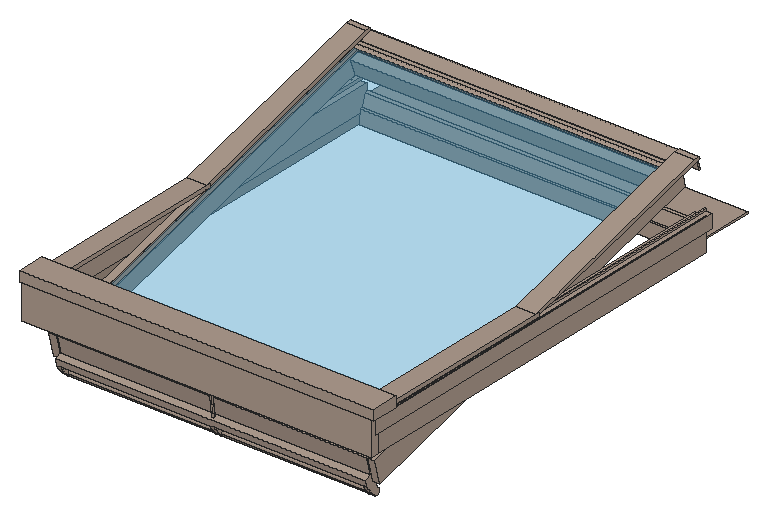
Revit family "GGL_Integra_v_1.01", category Окна, Revit 2017
Family settings
  Основа = Крыша
  Всегда вертикально = Нет
  При загрузке вырезать с полостями = Нет
  Общий = Нет
  Точка расчета площади = Нет
Parameters (values of type "Default")
  g-value = "0.64"
  Youtube clip = ""
  Window Area = 2.14
  Ширина = 1340 mm
  Weight Net (kg) = ""
  Warranty Years = "5 (10 with BDX)"
  Warranty = ""
  Uniclass 2.0 Description = "Roof Window Units"
  Uniclass 2.0 Code = "PR-59-72"
  Uniclass 1.4 Description = "Rooflights/Roof windows"
  Uniclass 1.4 Code = "JL11"
  URL = "http://file-system.ru/catalog/zdaniya_i_sooruzheniya/eksterer/okna/ggl_integra_velux_premium_mansardnoe_okno_/"
  UNSPC code = 301516
  UNSPC Category = "Roofing accessories"
  ThermalTransmittance - Glazing = "1.1"
  ThermalTransmittance = "1.3"
  Thermal bridge(glazing) = 0.057
  Thermal bridge = "0.09"
  Thermal Transmittance(frame) = 1.3
  Technical description = ""
  Stock Product = ""
  Square Reveal Length = 150 mm
  Sound Insulation db = 35
  Roof Slope = 45.00°
  Product identifier = ""
  Product group = "GGL Integra 1.01"
  Product family = "Center pivot hung roof window"
  Product data url = "http://www.velux.co.uk/private/products/velux_roof_windows/pivot/ggl"
  Product certification = ""
  Product SKU = "gglint101"
  Placement Height = 0 mm
  Perimeter Window = 5.88
  Perimeter Glazing = 5.13
  Panel Offset = -119 mm  # constant formula
  Operation Mode = "Electrical"
  Open Window = yes
  Offset from Roof = Placement Height + 169 mm  # 169 mm
  Name of the object = "New Generation - GGL Integra"
  NBS Reference Description = "Roof Window Units"
  NBS Reference = "59-72"
  Группа модели = "New Generation - GGL Integra"
  Material secondary = Glass 73Q + ISD 0000
  Material main = Wood
  Manufacturer country = "Denmark"
  Manufacturer URL = "www.velux.com"
  Изготовитель = "VELUX A/S"  # constant formula
  Light transmittance = "0.79"
  Installation instructions = "http://www.velux.co.uk/professionals/installation"
  IFC Classification = "Window"
  Height = 1600 mm
  GlazingAreaFraction = "0.36"
  Function = "Electrical pivot hung roof window"
  Frame Area = 1.78
  Emergency Exit = no
  Edition number = "1"
  EAN code = ""
  Design country = "Denmark"
  Delivery Time = ""
  Date of publishing = "6/27/2013"
  Copyright = "VELUX A/S"  # constant formula
  Chain(box)-length = if(Open Window, 200 mm, 17 mm)  # 200 mm
  COBIe Type Category = ""
  BIMobject Category = "Roof Window"
  Код по классификатору = "B3020110"
  Apron Visible [instance] = yes
  Angled opening top [instance] = 135.00°
  Angled opening bottom [instance] = 135.00°
  Angle = -19.9892°
  Allowed Roof Slope = "15°-90°"
Reference planes
  plane 1 "Center (Front/Back)": y = 0
  plane 2 "Roof": z = 4000
  plane 3 "Center (Left/Right)": x = 0
  plane 4: x = -690.1
  plane 5: x = 690.1
  plane 6: y = 817.561
  plane 7: y = -817.561
  plane 8: y = 75
  plane 9: y = -75
  plane 10: z = 4419
  plane 11: z = 4250
  plane 12: y = -797.561
  plane 13: y = -769.561
  plane 14: y = 769.561
  plane 15: x = -450
  plane 16: x = 450
  plane 17: z = 4331
  plane 18 "Roof Face": z = 4250
  plane 19: x = 463.5
  plane 20: x = -463.5
  plane 21: y = -767.461
  plane 22: z = 4175
  plane 23: y = 897.561
  plane 24: y = -897.561
  plane 25: x = 708.1
  plane 26: x = -708.1
  plane 27: x = 668.602
  plane 28: x = -668.602
  plane 29: x = -628
  plane 30: x = 628
  plane 31: z = 4327.2
  plane 32: z = 4127.2
  plane 33: y = -745.061
  plane 34: y = -801.861
  plane 35: y = 809.139
  plane 36: x = 670
  plane 37: x = -670
  plane 38: y = 798.139
  plane 39: x = 642.697
  plane 40: x = -642.697
Forms (mm)
  Sweep 1, void
    path origin (0, 0, 4000) x (1, 0, 0) y (0, 1, 0)
      loop
        line (642.697, 0) -> (-642.697, 0)
    profile origin (0, 0, 4000) x (0, -1, 0) y (0, 0, 1)
      loop
        line (769.561, 250) -> (-769.561, 250) -> (-769.561, 100) -> (-869.561, 0) -> (869.561, 0) -> (769.561, 100) -> (769.561, 250)
  Sweep 2, solid, material "Wood" <- "Material main"
    path origin (232.881, -1270, 4419) x (0, -1, 0) y (1, 0, 0)
      loop
        line (-502.539, -922.981) -> (-2068.139, -922.981)
    profile origin (-690.1, 15.339, 4419) x (-1, 0, 0) y (0, 0, 1)
      loop
        line (-20.1, -216) -> (-20.1, -88.8) -> (-62.1, -88.8) -> (-62.096, -177.8) -> (-56.388, -216) -> (-20.1, -216)
  Sweep 3, solid, material "Wood" <- "Material main"
    path origin (232.881, -1270, 4419) x (0, -1, 0) y (1, 0, 0)
      loop
        line (-476.789, -922.981) -> (-2087.561, -922.981)
    profile origin (-690.1, 12.175, 4419) x (-1, 0, 0) y (0, 0, 1)
      loop
        line (-12.998, -138.3) -> (-11.998, -138.3) -> (-11.998, -87.65) -> (-38.148, -87.65) -> (-38.148, -78.15) -> (-39.148, -78.15) -> (-39.148, -88.65) -> (-12.998, -88.65) -> (-12.998, -138.3)
  Sweep 4, solid, material "Wood" <- "Material main"
    path origin (232.881, -1270, 4419) x (0, -1, 0) y (1, 0, 0)
      loop
        line (-2068.139, 457.219) -> (-502.539, 457.219)
    profile origin (690.1, 15.339, 4419) x (1, 0, 0) y (0, 0, 1)
      loop
        line (-20.1, -88.8) -> (-62.1, -88.8) -> (-62.096, -177.8) -> (-56.388, -216) -> (-20.1, -216) -> (-20.1, -88.8)
  Sweep 5, solid, material "Wood" <- "Material main"
    path origin (232.881, -1270, 4419) x (0, -1, 0) y (1, 0, 0)
      loop
        line (-452.439, -901.483) -> (-452.439, 435.721)
    profile origin (0, -817.561, 4419) x (0, 1, 0) y (0, 0, 1)
      loop
        line (31.3, -88.1) -> (15.7, -88.1) -> (15.7, -216) -> (56, -216) -> (56, -141.8) -> (39.4, -141.8) -> (39.4, -109.299) -> (31.3, -106.9) -> (31.3, -88.1)
  Sweep 6, solid, material "Wood" <- "Material main"
    path origin (232.881, -1270, 4419) x (0, -1, 0) y (1, 0, 0)
      loop
        line (-2087.561, 402.721) -> (-2087.561, -860.881)
    profile origin (3.801, 817.561, 4419) x (0, -1, 0) y (0, 0, 1)
      loop
        line (19.423, -216) -> (56, -216) -> (56, -160) -> (43.673, -160) -> (32.044, -116.6) -> (19.423, -114.078) -> (19.423, -216)
  Sweep 7, solid, material "white paint color NCS 0500-N"
    path origin (232.881, -1270, 4419) x (0, -1, 0) y (1, 0, 0)
      loop
        line (-452.439, -879.381) -> (-452.439, 413.619)
    profile origin (0, -817.561, 4419) x (0, 1, 0) y (0, 0, 1)
      loop
        line (31.3, -68.816) -> (31.3, -105.016) -> (39.4, -108.113) -> (39.4, -141.8) -> (80.4, -141.8) -> (80.4, -79.8) -> (70.4, -79.8) -> (70.4, -61.1) -> (39.556, -61.1) -> (31.3, -68.816)
  Sweep 8, solid, material "Wood" <- "Material main"
    path origin (232.881, -1270, 4419) x (0, -1, 0) y (1, 0, 0)
      loop
        line (-1270, 457.219) -> (-476.789, 457.219)
    profile origin (690.1, -396.605, 4419) x (1, 0, 0) y (0, 0, 1)
      loop
        line (-22.917, -71) -> (-98.287, -71) -> (-98.287, -84.964) -> (-22.917, -84.964) -> (-22.917, -71)
  Sweep 9, solid, material "Wood" <- "Material main"
    path origin (232.881, -1270, 4419) x (0, -1, 0) y (1, 0, 0)
      loop
        line (-452.439, 445.221) -> (-452.439, -910.983)
    profile origin (0, -817.561, 4419) x (0, -1, 0) y (0, 0, 1)
      loop
        line (-120.7, -87.95) -> (-15.7, -87.95) -> (-15.7, -47.9) -> (-120.7, -47.9) -> (-120.7, -87.95)
  Sweep 10, solid, material "Wood" <- "Material main"
    path origin (232.881, -1270, 4419) x (0, -1, 0) y (1, 0, 0)
      loop
        line (-2087.561, 457.219) -> (-476.789, 457.219)
    profile origin (690.1, 12.175, 4419) x (1, 0, 0) y (0, 0, 1)
      loop
        line (-11.998, -138.3) -> (-11.998, -87.65) -> (-38.148, -87.65) -> (-38.148, -78.15) -> (-39.148, -78.15) -> (-39.148, -88.65) -> (-12.998, -88.65) -> (-12.998, -138.3) -> (-11.998, -138.3)
  Sweep 11, solid, material "Wood" <- "Material main"
    path origin (232.881, -1270, 4419) x (0, -1, 0) y (1, 0, 0)
      loop
        line (-1270, -922.981) -> (-476.789, -922.981)
    profile origin (-690.1, -396.605, 4419) x (1, 0, 0) y (0, 0, 1)
      loop
        line (98.287, -71) -> (22.917, -71) -> (22.917, -84.964) -> (98.287, -84.964) -> (98.287, -71)
  Extrusion 12, solid, material "Wood" <- "Material main", visible <- "Apron Visible"
    sketch origin (232.881, -1380, 4250) x (0, -1, 0) y (1, 0, 0)
      loop
        line (-2178.139, -902.881) -> (-2178.139, 437.119) -> (-2378.139, 437.119) -> (-2378.139, -902.881) -> (-2178.139, -902.881)
    from 0 to 5
Cuts and joins
  joined: Sweep 2, Sweep 4, Sweep 5, Sweep 6
Lines and regions (mm)
  reference lines
    curve 1: line (0, 769.561, 4100) -> (0, -769.561, 4100)
    curve 2: line (0, 769.561, 4100) -> (0, 1179.973, 3689.589)
    curve 3: line (0, -769.561, 4100) -> (0, -1208.257, 3661.304)
    curve 8: line (-690.1, 0, 4419) -> (690.1, 0, 4419)
    curve 9: line (0, 0, 3942.342) -> (0, 845.782, 4250)
  symbolic lines
    curve 4: line (-690.1, 817.561, 4000) -> (0, -75, 4000)
    curve 5: line (0, -75, 4000) -> (690.1, 817.561, 4000)
    curve 6: line (-690.1, -817.561, 4000) -> (0, 75, 4000)
    curve 7: line (0, 75, 4000) -> (690.1, -817.561, 4000)
Dimensions and locks
  equal spacing: host sketch curve, plane 3 "Center (Left/Right)", host sketch curve
  equal spacing: host sketch curve, plane 1 "Center (Front/Back)", host sketch curve
  equal spacing: plane 4, plane 3 "Center (Left/Right)", plane 5
  "Ширина": plane 37 to plane 36
  equal spacing: plane 6, plane 1 "Center (Front/Back)", plane 7
  "Height": plane 38 to plane 34
  "Square Reveal Length": plane 18 "Roof Face" to curve 1
  plane 8 to plane 1 "Center (Front/Back)" to plane 9 = 75 mm locked, 75 mm locked
  locked: plane 7 to plane 12 at 20
  locked: plane 16 to plane 19 at 13.5
  locked: plane 20 to plane 15 at 13.5
  locked: plane 21 to plane 13 at 2.1
  locked: plane 27 to plane 5 at 21.498
  locked: plane 4 to plane 28 at 21.498
  locked: plane 13 to plane 24 at 128
  locked: plane 23 to plane 14 at 128
  locked: plane 7 to plane 13 at 48
  locked: plane 26 to plane 4 at 18
  locked: plane 5 to plane 25 at 18
  locked: plane 23 to plane 6 at 80
  locked: plane 10 to plane 11 at 169
  "Offset from Roof": plane 10 to host roof
  locked: plane 4 to plane 29 at 62.1
  locked: plane 30 to plane 5 at 62.1
  "Chain(box)-length": plane 32 to plane 31
  locked: plane 13 to plane 33 at 24.5
  locked: plane 6 to plane 35 at 8.423
  locked: plane 34 to plane 12 at 4.3
  plane 7 to plane 34 = 15.7 mm
  plane 35 to plane 6 = 8.423 mm
  locked: plane 36 to plane 5 at 20.1
  locked: plane 4 to plane 37 at 20.1
  locked: Extrusion 12 sketch curve to Extrusion 12 sketch curve at 200
  locked: plane 35 to plane 38 at 11
  locked: plane 30 to plane 39 at 14.697
  locked: plane 29 to plane 40 at 14.697
  "Angled opening bottom": angle curve 2 to curve 1
  "Angled opening top": angle curve 1 to curve 3
  angle plane 11 to curve 9 = 19.9892°
  aligned and locked: level to plane 2 "Roof"
  aligned and locked: Sweep 1 sketch curve to plane 1 "Center (Front/Back)"
  aligned and locked: host roof to Sweep 1 sketch curve  (x2)
  aligned and locked: Sweep 1 sketch curve to curve 2
  aligned and locked: Sweep 1 sketch curve to curve 3
  aligned and locked: Sweep 2 sketch curve to plane 4
  aligned and locked: Sweep 3 sketch curve to plane 4
  aligned and locked: plane 6 to Sweep 3 sketch curve
  aligned and locked: Sweep 4 sketch curve to plane 5
  aligned and locked: Sweep 6 sketch curve to plane 6
  aligned and locked: Sweep 7 sketch curve to plane 7
  aligned and locked: plane 1 "Center (Front/Back)" to Sweep 8 sketch curve
  aligned and locked: Sweep 9 sketch curve to plane 7
  aligned and locked: Sweep 10 sketch curve to plane 5
  aligned and locked: Sweep 10 sketch curve to plane 6
  aligned and locked: Sweep 9 sketch curve to Sweep 10
  aligned and locked: Sweep 3 to Sweep 9 sketch curve
  aligned and locked: plane 1 "Center (Front/Back)" to Sweep 11 sketch curve
  aligned and locked: plane 13 to curve 1
  aligned and locked: Sweep 1 sketch curve to plane 13
  aligned and locked: plane 14 to Sweep 1 sketch curve
  aligned and locked: plane 14 to curve 1
  aligned and locked: plane 14 to curve 2
  aligned and locked: Sweep 4 sketch curve to plane 21
  aligned and locked: plane 21 to Sweep 2 sketch curve
  aligned and locked: Sweep 5 sketch curve to plane 27
  aligned and locked: plane 28 to Sweep 5 sketch curve
  aligned and locked: host roof to plane 18 "Roof Face"
  aligned: plane 31 to Sweep 7
  aligned and locked: plane 37 to Extrusion 12 sketch curve
  aligned and locked: Extrusion 12 sketch curve to plane 36
  aligned and locked: plane 38 to Sweep 6 sketch curve
  aligned and locked: Extrusion 12 sketch curve to plane 38
  aligned and locked: plane 40 to Sweep 1 sketch curve
  aligned and locked: plane 39 to Sweep 1 sketch curve
Automatic sketch dimensions
  plane 1 "Center (Front/Back)" to curve 8 = 0 mm
  curve 8 to plane 5 = 0 mm
  plane 4 to curve 8 = 0 mm
  profile plane to Sweep 3 sketch curve = 39.148 mm
  Sweep 3 sketch curve to Sweep 3 sketch curve = 1 mm  (x3)
  profile plane to Sweep 3 sketch curve = 12.998 mm
  Sweep 3 sketch curve to profile plane = 138.3 mm
  Sweep 3 sketch curve to Sweep 3 sketch curve = 49.65 mm
  Sweep 3 sketch curve to Sweep 3 sketch curve = 9.5 mm
  plane 7 to Sweep 5 sketch curve = 0 mm
  profile plane to Sweep 10 sketch curve = 39.148 mm
  Sweep 10 sketch curve to Sweep 10 sketch curve = 1 mm  (x3)
  profile plane to Sweep 10 sketch curve = 12.998 mm
  Sweep 10 sketch curve to profile plane = 138.3 mm
  Sweep 10 sketch curve to profile plane = 88.65 mm
  Sweep 10 sketch curve to Sweep 10 sketch curve = 9.5 mm
  curve 6 to plane 7 = 0 mm
  curve 4 to plane 6 = 0 mm
  curve 7 to plane 8 = 0 mm
  curve 5 to plane 3 "Center (Left/Right)" = 0 mm
  curve 7 to plane 5 = 0 mm
  curve 5 to plane 5 = 0 mm
  plane 7 to curve 7 = 0 mm
  plane 9 to curve 5 = 0 mm
  plane 6 to curve 5 = 0 mm
  curve 6 to plane 3 "Center (Left/Right)" = 0 mm
  plane 4 to curve 4 = 0 mm
  plane 4 to curve 6 = 0 mm
  Sweep 8 sketch curve to plane 5 = 0 mm
  Sweep 11 sketch curve to profile plane = 22.917 mm
  Sweep 11 sketch curve to Sweep 11 sketch curve = 75.37 mm
  Sweep 11 sketch curve to plane 10 = 84.964 mm
  Sweep 11 sketch curve to Sweep 11 sketch curve = 13.964 mm
  profile plane to Sweep 8 sketch curve = 98.287 mm
  profile plane to Sweep 8 sketch curve = 22.917 mm
  Sweep 8 sketch curve to profile plane = 84.964 mm
  Sweep 8 sketch curve to Sweep 8 sketch curve = 13.964 mm
  Sweep 2 sketch curve to profile plane = 216 mm
  profile plane to Sweep 9 sketch curve = 120.7 mm
  Sweep 11 sketch curve to plane 4 = 0 mm
  Sweep 10 sketch curve to plane 7 = 24.35 mm
  Sweep 3 sketch curve to plane 7 = 24.35 mm
  profile plane to Sweep 4 sketch curve = 20.1 mm
  Sweep 2 sketch curve to profile plane = 88.8 mm
  Sweep 9 sketch curve to profile plane = 47.9 mm
  Sweep 9 sketch curve to Sweep 9 sketch curve = 40.05 mm
  Sweep 8 sketch curve to plane 12 = 4.35 mm
  Sweep 11 sketch curve to plane 12 = 4.35 mm
  profile plane to Sweep 9 sketch curve = 15.7 mm
  Sweep 7 sketch curve to profile plane = 31.3 mm
  Sweep 7 sketch curve to Sweep 7 sketch curve = 8.1 mm
  Sweep 7 sketch curve to Sweep 7 sketch curve = 30.844 mm
  Sweep 7 sketch curve to Sweep 7 sketch curve = 10 mm
  Sweep 7 sketch curve to Sweep 7 sketch curve = 7.716 mm
  Sweep 7 sketch curve to Sweep 7 sketch curve = 18.7 mm
  Sweep 7 sketch curve to Sweep 7 sketch curve = 3.097 mm
  Sweep 7 sketch curve to Sweep 7 sketch curve = 8.256 mm
  Sweep 7 sketch curve to profile plane = 141.8 mm
  Sweep 7 sketch curve to Sweep 7 sketch curve = 33.687 mm
  Sweep 7 sketch curve to Sweep 7 sketch curve = 28.313 mm
  Sweep 2 sketch curve to Sweep 2 sketch curve = 0 mm
  profile plane to Sweep 2 sketch curve = 62.1 mm
  profile plane to Sweep 2 sketch curve = 62.096 mm
  Sweep 2 sketch curve to Sweep 2 sketch curve = 5.708 mm
  profile plane to Sweep 2 sketch curve = 20.1 mm
  Sweep 2 sketch curve to Sweep 2 sketch curve = 38.2 mm
  Sweep 7 sketch curve to plane 29 = 18.5 mm
  Sweep 4 sketch curve to Sweep 4 sketch curve = 42 mm
  Sweep 4 sketch curve to profile plane = 216 mm
  Sweep 4 sketch curve to profile plane = 88.8 mm
  Sweep 4 sketch curve to Sweep 4 sketch curve = 36.288 mm
  Sweep 4 sketch curve to Sweep 4 sketch curve = 0 mm
  Sweep 4 sketch curve to Sweep 4 sketch curve = 5.708 mm
  Sweep 4 sketch curve to Sweep 4 sketch curve = 38.2 mm
  Sweep 7 sketch curve to plane 30 = 18.5 mm
  Sweep 6 sketch curve to Sweep 6 sketch curve = 12.621 mm
  Sweep 6 sketch curve to profile plane = 43.673 mm
  Sweep 6 sketch curve to Sweep 6 sketch curve = 12.327 mm
  Sweep 6 sketch curve to profile plane = 216 mm
  Sweep 6 sketch curve to Sweep 6 sketch curve = 56 mm
  Sweep 6 sketch curve to Sweep 6 sketch curve = 43.4 mm
  Sweep 6 sketch curve to Sweep 6 sketch curve = 2.522 mm
  Sweep 5 sketch curve to profile plane = 15.7 mm
  Sweep 5 sketch curve to Sweep 5 sketch curve = 15.6 mm
  Sweep 5 sketch curve to Sweep 5 sketch curve = 8.1 mm
  Sweep 5 sketch curve to Sweep 5 sketch curve = 16.6 mm
  Sweep 5 sketch curve to profile plane = 216 mm
  Sweep 5 sketch curve to Sweep 5 sketch curve = 74.2 mm
  Sweep 5 sketch curve to Sweep 5 sketch curve = 32.501 mm
  Sweep 5 sketch curve to Sweep 5 sketch curve = 2.399 mm
  Sweep 5 sketch curve to Sweep 5 sketch curve = 18.8 mm
  Sweep 4 sketch curve to plane 38 = 0 mm
  Sweep 2 sketch curve to plane 38 = 0 mm
  Sweep 6 sketch curve to plane 29 = 0 mm
  Sweep 6 sketch curve to plane 39 = 7.095 mm
  curve 9 to plane 1 "Center (Front/Back)" = 0 mm
  plane 11 to curve 9 = 0 mm
Nested families
  nested 1: "GGL Integra_Openable" at (0, 0, 4131) x (-1, 0, 0) z (0, 0, 1), built-in parameter 1001364 <- "Panel Offset", type "GGL Integra_Openable"
Definition of nested family "GGL Integra_Openable"
  Parameters
    Window Opening Angle = asin((Chain Length - 17 mm) / (2 * R)) * 2  # 14.4566°
    Width = 1340 mm
    R = (Height / 2) - 72.79 mm  # 727.21 mm
    Material Internal = none
    Material External = none
    Height = 1600 mm
    Glazing = none
    Default Elevation = 1219.2 mm
    Chain Length = 200 mm
    Assembly Code = ""
    Angle = (180.00° - Window Opening Angle) / 2  # 82.7717°
  Reference planes
    plane 1 "Center (Front/Back)": y = 0
    plane 2: z = 0
    plane 3 "Center (Left/Right)": x = 0
    plane 4: z = 119
  Forms (mm)
    Sweep 1, solid, material <- "Material Internal"
      path origin (0, 0, 119) x (0, -0.968337, 0.249647) y (1, 0, 0)
        loop
          line (-817.561, 593.9) -> (-817.561, -593.9)
      profile origin (0, 791.675, -85.102) x (0, -0.968337, 0.249647) y (0, 0.249647, 0.968337)
        loop
          line (85.072, 11.857) -> (60.5, 7.745) -> (60.5, -18.705) -> (115.096, -18.705) -> (122.727, 53.9) -> (103.6, 53.9) -> (103.6, 79.9) -> (85.072, 79.9) -> (85.072, 11.857)
        loop
          circle (94.835, -64.876) r 11.99
    Sweep 2, solid, material <- "Material Internal"
      path origin (0, 0, 119) x (0, -0.968337, 0.249647) y (1, 0, 0)
        loop
          line (817.561, -593.9) -> (817.561, 593.9)
      profile origin (0, -791.675, 323.102) x (0, 0.968337, -0.249647) y (0, 0.249647, 0.968337)
        loop
          line (41.589, -12.8) -> (103.517, -12.8) -> (110.526, 53.892) -> (69.398, 53.892) -> (69.398, 83.3) -> (54.407, 83.3) -> (53.746, 79.556) -> (-4.292, 79.556) -> (-3.889, 64.189) -> (41.589, 55.102) -> (41.589, -12.8)
    Sweep 3, solid, material <- "Material Internal"
      path origin (0, 0, 119) x (0, -0.968337, 0.249647) y (1, 0, 0)
        loop
          line (775.973, 690.1) -> (-732.562, 690.1)
      profile origin (690.1, -21.018, 124.419) x (-1, 0, 0) y (0, 0.249647, 0.968337)
        loop
          line (65.2, -12.8) -> (96.2, -12.8) -> (96.2, 79.9) -> (65.2, 79.9) -> (65.2, -12.8)
    Sweep 4, solid, material <- "Material Internal"
      path origin (0, 0, 119) x (0, -0.968337, 0.249647) y (1, 0, 0)
        loop
          line (-732.562, -690.1) -> (775.973, -690.1)
      profile origin (-690.1, -21.018, 124.419) x (1, 0, 0) y (0, 0.249647, 0.968337)
        loop
          line (96.2, -12.8) -> (96.2, 79.9) -> (65.2, 79.9) -> (65.2, -12.8) -> (96.2, -12.8)
    Extrusion 5, solid, material <- "Glazing"
      sketch origin (0, 0, 119) x (0, -0.968337, 0.249647) y (1, 0, 0)
        loop
          line (745.561, 593.1) -> (-707.562, 593.1) -> (-707.562, -593.1) -> (745.561, -593.1) -> (745.561, 593.1)
      from 54 to 58
    Extrusion 6, solid, material <- "Glazing"
      sketch origin (0, 0, 119) x (0, -0.968337, 0.249647) y (1, 0, 0)
        loop
          line (745.561, 593.1) -> (-707.562, 593.1) -> (-707.562, -593.1) -> (745.561, -593.1) -> (745.561, 593.1)
      from 75.5 to 79.5
    Sweep 7, solid, material <- "Material External"
      path origin (0, 0, 119) x (0, -0.968337, 0.249647) y (1, 0, 0)
        loop
          line (817.561, -650.5) -> (817.561, 650.5)
      profile origin (0, -791.675, 323.102) x (0, 0.968337, -0.249647) y (0, 0.249647, 0.968337)
        loop
          arc (83.524, 81.097) -> (76.247, 83.416) -> (68.65, 84.2) r 37.2
          line (68.65, 84.2) -> (51.813, 84.2) -> (51.171, 80.556) -> (-6.8, 80.556) -> (-6.8, 30.3) -> (-5.8, 30.3) -> (-5.8, 79.556) -> (52.01, 79.556) -> (52.652, 83.2) -> (68.65, 83.2)
          arc (68.65, 83.2) -> (76.194, 82.405) -> (83.406, 80.056) r 36.2
          line (83.406, 80.056) -> (83.524, 81.097)
    Sweep 8, solid, material <- "Material External"
      path origin (0, 0, 119) x (0, -0.968337, 0.249647) y (1, 0, 0)
        loop
          line (817.561, 690.1) -> (0, 690.1)
      profile origin (690.1, -395.838, 221.051) x (-1, 0, 0) y (0, 0.249647, 0.968337)
        loop
          line (98.287, 84.036) -> (98.287, 98) -> (22.917, 98) -> (22.917, 84.036) -> (98.287, 84.036)
    Sweep 9, solid, material <- "Material External"
      path origin (0, 0, 119) x (0, -0.968337, 0.249647) y (1, 0, 0)
        loop
          line (0, -690.1) -> (817.561, -690.1)
      profile origin (-690.1, -395.838, 221.051) x (1, 0, 0) y (0, 0.249647, 0.968337)
        loop
          line (22.917, 84.036) -> (98.287, 84.036) -> (98.287, 98) -> (22.917, 98) -> (22.917, 84.036)
    Sweep 10, solid, material <- "Material Internal"
      path origin (0, 0, 119) x (0, -0.968337, 0.249647) y (1, 0, 0)
        loop
          line (-757.061, -593.9) -> (-757.061, -578.9)
      profile origin (-586.4, 733.091, -69.998) x (0, 0.968337, -0.249647) y (0, 0.249647, 0.968337)
        loop
          arc (-45.33, -60.094) -> (-41.079, -74.789) -> (-25.85, -73.347) r 11.99
          arc (-25.85, -73.347) -> (-8.284, -48.221) -> (0, -18.705) r 91.534
          line (0, -18.705) -> (-44.831, -18.705)
          arc (-44.831, -18.705) -> (-38.204, -39.482) -> (-45.33, -60.094) r 34.582
    Sweep 11, solid, material <- "Material Internal"
      path origin (0, 0, 119) x (0, -0.968337, 0.249647) y (1, 0, 0)
        loop
          line (-757.061, 593.9) -> (-757.061, 578.9)
      profile origin (586.4, 733.091, -69.998) x (0, -0.968337, 0.249647) y (0, 0.249647, 0.968337)
        loop
          arc (45.33, -60.094) -> (38.204, -39.482) -> (44.831, -18.705) r 34.582
          line (44.831, -18.705) -> (0, -18.705)
          arc (0, -18.705) -> (8.284, -48.221) -> (25.85, -73.347) r 91.534
          arc (25.85, -73.347) -> (41.079, -74.789) -> (45.33, -60.094) r 11.99
    Sweep 12, solid, material <- "Material Internal"
      path origin (0, 0, 119) x (0, -0.968337, 0.249647) y (1, 0, 0)
        loop
          line (-817.562, 7.5) -> (-817.562, -7.5)
      profile origin (0, 791.675, -85.102) x (0, -0.968337, 0.249647) y (0, 0.249647, 0.968337)
        loop
          arc (105.83, -60.094) -> (98.704, -39.482) -> (105.331, -18.705) r 34.582
          line (105.331, -18.705) -> (60.5, -18.705)
          arc (60.5, -18.705) -> (68.784, -48.221) -> (86.35, -73.347) r 91.534
          arc (86.35, -73.347) -> (101.579, -74.789) -> (105.83, -60.094) r 11.99
    Sweep 13, void
      path origin (667.183, -767.21, 417.999) x (0, 0.968337, -0.249647) y (-1, 0, 0)
        loop
          line (0, 0) -> (0, 75.37)
      profile origin (629.498, -767.21, 417.999) x (0, -0.968337, 0.249647) y (0, 0.249647, 0.968337)
        loop
          line (0, 0) -> (-20, 0) -> (0, -3.5) -> (0, 0)
    Sweep 14, void
      path origin (-667.183, 24.465, 213.897) x (0, -0.968337, 0.249647) y (1, 0, 0)
        loop
          line (817.561, 0) -> (817.561, 75.37)
      profile origin (-629.498, -767.21, 417.999) x (0, 0.968337, -0.249647) y (0, 0.249647, 0.968337)
        loop
          line (0, 0) -> (0, -3.5) -> (20, 0) -> (0, 0)
    Sweep 15, solid, material <- "Material External"
      path origin (0, 0, 0) x (0, 1, 0) y (0, 0, 1)
        loop
          line (748.592, 140.198) -> (723.427, -58.212)
      profile origin (0, 736.009, 40.993) x (0, 0.992053, -0.125823) y (1, 0, 0)
        loop
          line (2.5, 2.5) -> (-2.5, 2.5) -> (-2.5, -2.5) -> (2.5, -2.5) -> (2.5, 2.5)
  Cuts and joins
    joined: Sweep 1, Sweep 10, Sweep 11, Sweep 12
    Sweep 13, Sweep 14 cuts Sweep 2
    Sweep 13, Sweep 14 cuts Sweep 7
    Sweep 13 cuts Sweep 8
    Sweep 14 cuts Sweep 9
  Lines and regions (mm)
    reference lines
      curve 1: line (0, 0, 119) -> (0, -1626.806, 538.407)
      curve 2: line (0, 0, 119) -> (0, 234.668, 1029.237)
      curve 3: line (690.1, -791.675, 323.102) -> (690.1, 791.675, -85.102)
      curve 4: line (-690.1, -791.675, 323.102) -> (690.1, -791.675, 323.102)
      curve 5: line (-690.1, 791.675, -85.102) -> (-690.1, -791.675, 323.102)
      curve 6: line (690.1, 791.675, -85.102) -> (-690.1, 791.675, -85.102)
      curve 7: line (0, 0, 119) -> (-360, 0, 119)
      curve 8: line (-690.1, -721.955, 305.127) -> (690.1, -721.955, 305.127)
      curve 9: line (690.1, 685.158, -57.64) -> (-690.1, 685.158, -57.64)
      curve 10: line (593.1, -791.675, 323.102) -> (593.1, 685.158, -57.64)
      curve 11: line (-593.1, 685.158, -57.64) -> (-593.1, -791.675, 323.102)
      curve 12: line (690.1, 709.366, -63.882) -> (-690.1, 709.366, -63.882)
      curve 13: line (690.1, 776.472, -81.182) -> (-690.1, 776.472, -81.182)
      curve 14: line (-690.1, -783.519, 320.999) -> (690.1, -783.519, 320.999)
      curve 15: line (670, -791.675, 323.102) -> (670, 791.675, -85.102)
      curve 16: line (-670, 791.675, -85.102) -> (-670, -791.675, 323.102)
      curve 17: line (-690.1, -772.867, 318.253) -> (690.1, -772.867, 318.253)
      curve 18: line (0, 748.592, 140.198) -> (0, 723.427, -58.212)
      curve 19: line (0, -863.089, 350.807) -> (0, 793.922, -76.387)
      curve 20: line (0, 791.675, -85.102) -> (0, 793.922, -76.387)
  Dimensions and locks
    locked: plane 4 to level at 119
    equal spacing: curve 5, curve 1, curve 3
    "Width": curve 16 to curve 15
    equal spacing: curve 6, curve 7, curve 4
    "Height": curve 17 to curve 13
    locked: curve 4 to curve 8 at 72
    locked: curve 6 to curve 9 at 110
    locked: curve 10 to curve 3 at 97
    locked: curve 5 to curve 11 at 97
    locked: curve 4 to Sweep 3 sketch curve at 41.589
    locked: curve 4 to Sweep 4 sketch curve at 41.589
    locked: curve 6 to curve 12 at 85
    locked: Sweep 10 sketch curve to cut or joined group of Sweep 1, Sweep 10, Sweep 11, Sweep 12 at 15
    locked: Sweep 11 sketch curve to cut or joined group of Sweep 1, Sweep 10, Sweep 11, Sweep 12 at 15
    Sweep 12 sketch curve to curve 1 to Sweep 12 sketch curve = 7.5 mm locked, 7.5 mm locked
    locked: curve 6 to curve 13 at 15.7
    locked: curve 4 to curve 14 at 8.423
    locked: curve 5 to curve 16 at 20.1
    locked: curve 15 to curve 3 at 20.1
    locked: curve 14 to curve 17 at 11
    locked: Sweep 3 to Sweep 7 sketch curve at 56.6
    locked: Sweep 7 sketch curve to Sweep 4 at 56.6
    locked: curve 18 to curve 5 at 9
    locked: curve 19 to curve 5 at 9
    locked: curve 20 to curve 18 at 72.8
    "Chain Length": Sweep 15 sketch curve to Sweep 15 sketch curve
    "Window Opening Angle": angle plane 4 to curve 1
    locked: curve 1 to curve 2 (angle 90.00°)
    locked: curve 7 to curve 1 (angle 90.00°)
    locked: curve 7 to curve 2 (angle 90.00°)
    "Angle": angle curve 18 to curve 19
    locked: curve 20 to curve 3 (angle 90.00°)
    "Angle": angle Sweep 15 sketch curve to curve 19
    aligned and locked: level to plane 2
    aligned and locked: curve 6 to Sweep 1 sketch curve
    aligned and locked: curve 4 to Sweep 2 sketch curve
    aligned and locked: curve 3 to Sweep 3 sketch curve
    aligned and locked: curve 5 to Sweep 4 sketch curve
    aligned and locked: curve 10 to Extrusion 5 sketch curve
    aligned and locked: curve 8 to Extrusion 5 sketch curve
    aligned and locked: Extrusion 5 sketch curve to curve 11
    aligned and locked: curve 9 to Extrusion 5 sketch curve
    aligned and locked: curve 10 to Extrusion 6 sketch curve
    aligned and locked: curve 8 to Extrusion 6 sketch curve
    aligned and locked: Extrusion 6 sketch curve to curve 11
    aligned and locked: curve 9 to Extrusion 6 sketch curve
    aligned and locked: curve 4 to Sweep 7 sketch curve
    aligned and locked: curve 3 to Sweep 8 sketch curve
    aligned and locked: curve 5 to Sweep 9 sketch curve
    aligned and locked: Sweep 9 sketch curve to curve 4
    aligned and locked: curve 7 to Sweep 9 sketch curve
    aligned and locked: curve 4 to Sweep 8 sketch curve
    aligned and locked: Sweep 8 sketch curve to curve 7
    aligned and locked: Sweep 3 sketch curve to curve 12
    aligned and locked: curve 12 to Sweep 4 sketch curve
    aligned and locked: Sweep 10 sketch curve to cut or joined group of Sweep 1, Sweep 10, Sweep 11, Sweep 12  (x2)
    aligned and locked: cut or joined group of Sweep 1, Sweep 10, Sweep 11, Sweep 12 to Sweep 11 sketch curve
    aligned and locked: Sweep 11 sketch curve to cut or joined group of Sweep 1, Sweep 10, Sweep 11, Sweep 12
    aligned and locked: curve 6 to Sweep 12 sketch curve
    aligned and locked: Sweep 13 sketch curve to Sweep 8  (x3)
    aligned and locked: Sweep 8 to Sweep 13 sketch curve
    aligned and locked: profile plane to Sweep 13 sketch curve
    aligned and locked: Sweep 14 sketch curve to Sweep 9  (x3)
    aligned and locked: Sweep 9 to Sweep 14 sketch curve
    aligned and locked: profile plane to Sweep 14 sketch curve
    aligned and locked: Sweep 2 sketch curve to Sweep 4
    aligned and locked: Sweep 3 to Sweep 2 sketch curve
    aligned and locked: Sweep 4 to Sweep 1 sketch curve
    aligned and locked: Sweep 1 sketch curve to Sweep 3
    aligned and locked: curve 6 to curve 20
    aligned and locked: curve 3 to curve 20
    aligned and locked: curve 18 to Sweep 15 sketch curve
    aligned and locked: curve 19 to Sweep 15 sketch curve
  Automatic sketch dimensions
    curve 2 to plane 1 "Center (Front/Back)" = 0 mm
    curve 2 to plane 4 = 0 mm
    curve 7 to curve 1 = 0 mm
    curve 7 to curve 1 = 360 mm
    profile plane to Sweep 1 sketch curve = 7.745 mm
    Sweep 1 sketch curve to profile plane = 60.5 mm
    profile plane to Sweep 1 sketch curve = 11.857 mm
    Sweep 1 sketch curve to Sweep 1 sketch curve = 24.572 mm
    Sweep 1 sketch curve to Sweep 1 sketch curve = 34.335 mm
    Sweep 1 sketch curve to Sweep 1 sketch curve = 18.528 mm
    Sweep 1 sketch curve to profile plane = 18.705 mm
    Sweep 1 sketch curve to Sweep 1 sketch curve = 30.024 mm
    profile plane to Sweep 1 sketch curve = 53.9 mm
    Sweep 1 sketch curve to Sweep 1 sketch curve = 19.127 mm
    Sweep 1 sketch curve to Sweep 1 sketch curve = 46.17 mm
    Sweep 1 sketch curve to Sweep 1 sketch curve = 26 mm
    profile plane to Sweep 2 sketch curve = 4.292 mm
    profile plane to Sweep 2 sketch curve = 3.889 mm
    Sweep 2 sketch curve to profile plane = 12.8 mm
    Sweep 2 sketch curve to profile plane = 41.589 mm
    Sweep 2 sketch curve to Sweep 2 sketch curve = 12.158 mm
    Sweep 2 sketch curve to Sweep 2 sketch curve = 0.66 mm
    Sweep 2 sketch curve to Sweep 2 sketch curve = 27.809 mm
    Sweep 2 sketch curve to Sweep 2 sketch curve = 61.928 mm
    profile plane to Sweep 2 sketch curve = 53.892 mm
    Sweep 2 sketch curve to Sweep 2 sketch curve = 41.128 mm
    Sweep 2 sketch curve to Sweep 2 sketch curve = 1.21 mm
    Sweep 2 sketch curve to Sweep 2 sketch curve = 9.087 mm
    Sweep 2 sketch curve to Sweep 2 sketch curve = 15.367 mm
    Sweep 2 sketch curve to Sweep 2 sketch curve = 3.744 mm
    Sweep 7 sketch curve to Sweep 7 sketch curve = 0 mm  (x2)
    profile plane to Sweep 7 sketch curve = 6.8 mm
    Sweep 7 sketch curve to Sweep 7 sketch curve = 1 mm  (x2)
    Sweep 7 sketch curve to profile plane = 51.171 mm
    Sweep 7 sketch curve to Sweep 7 sketch curve = 0.643 mm
    Sweep 7 sketch curve to Sweep 7 sketch curve = 0.839 mm  (x2)
    Sweep 7 sketch curve to Sweep 7 sketch curve = 15.998 mm
    Sweep 7 sketch curve to Sweep 7 sketch curve = 14.756 mm
    Sweep 7 sketch curve to Sweep 7 sketch curve = 0.118 mm
    profile plane to Sweep 7 sketch curve = 30.3 mm
    profile plane to Sweep 7 sketch curve = 47 mm
    Sweep 7 sketch curve to Sweep 7 sketch curve = 32.556 mm
    Sweep 7 sketch curve to Sweep 7 sketch curve = 0.5 mm
    Sweep 7 sketch curve to Sweep 7 sketch curve = 1.041 mm
    Sweep 8 sketch curve to profile plane = 22.917 mm
    Sweep 8 sketch curve to Sweep 8 sketch curve = 75.37 mm
    profile plane to Sweep 8 sketch curve = 84.036 mm
    Sweep 8 sketch curve to Sweep 8 sketch curve = 13.964 mm
    Sweep 9 sketch curve to profile plane = 22.917 mm
    Sweep 9 sketch curve to Sweep 9 sketch curve = 75.37 mm
    profile plane to Sweep 9 sketch curve = 84.036 mm
    Sweep 9 sketch curve to Sweep 9 sketch curve = 13.964 mm
    Sweep 10 sketch curve to profile plane = 0 mm
    profile plane to Sweep 10 sketch curve = 25.85 mm
    Sweep 10 sketch curve to Sweep 10 sketch curve = 8.485 mm
    Sweep 10 sketch curve to profile plane = 18.705 mm
    profile plane to Sweep 10 sketch curve = 44.831 mm
    Sweep 10 sketch curve to Sweep 10 sketch curve = 10.995 mm
    Sweep 10 sketch curve to Sweep 10 sketch curve = 27.454 mm
    Sweep 10 sketch curve to profile plane = 9.078 mm
    Sweep 10 sketch curve to Sweep 10 sketch curve = 18.243 mm
    Sweep 10 sketch curve to Sweep 10 sketch curve = 8.471 mm
    profile plane to Sweep 11 sketch curve = 0 mm
    Sweep 11 sketch curve to profile plane = 25.85 mm
    Sweep 11 sketch curve to Sweep 11 sketch curve = 8.485 mm
    Sweep 11 sketch curve to profile plane = 18.705 mm
    Sweep 11 sketch curve to Sweep 11 sketch curve = 44.831 mm
    Sweep 11 sketch curve to Sweep 11 sketch curve = 10.995 mm
    Sweep 11 sketch curve to Sweep 11 sketch curve = 27.454 mm
    Sweep 11 sketch curve to profile plane = 9.078 mm
    Sweep 11 sketch curve to Sweep 11 sketch curve = 18.243 mm
    Sweep 11 sketch curve to Sweep 11 sketch curve = 8.471 mm
    Sweep 12 sketch curve to profile plane = 18.705 mm
    Sweep 12 sketch curve to profile plane = 60.5 mm
    Sweep 12 sketch curve to Sweep 12 sketch curve = 25.85 mm
    Sweep 12 sketch curve to Sweep 12 sketch curve = 8.485 mm
    Sweep 12 sketch curve to Sweep 12 sketch curve = 44.831 mm
    Sweep 12 sketch curve to Sweep 12 sketch curve = 10.995 mm
    Sweep 12 sketch curve to Sweep 12 sketch curve = 27.454 mm
    Sweep 12 sketch curve to profile plane = 9.078 mm
    Sweep 12 sketch curve to Sweep 12 sketch curve = 18.243 mm
    Sweep 12 sketch curve to Sweep 12 sketch curve = 8.471 mm
    Sweep 13 sketch curve to Sweep 13 sketch curve = 20 mm
    Sweep 13 sketch curve to profile plane = 3.5 mm
    Sweep 14 sketch curve to profile plane = 20 mm
    Sweep 14 sketch curve to Sweep 14 sketch curve = 3.5 mm
    Sweep 3 sketch curve to profile plane = 12.8 mm
    Sweep 3 sketch curve to profile plane = 65.2 mm
    Sweep 4 sketch curve to profile plane = 65.2 mm
    Sweep 4 sketch curve to Sweep 4 sketch curve = 92.7 mm
    Sweep 3 sketch curve to Sweep 3 sketch curve = 92.7 mm
    Sweep 4 sketch curve to Sweep 4 sketch curve = 31 mm
    Sweep 4 sketch curve to profile plane = 12.8 mm
    Sweep 3 sketch curve to Sweep 3 sketch curve = 31 mm
    plane 3 "Center (Left/Right)" to Sweep 15 sketch curve = 2.5 mm
    profile plane to Sweep 15 sketch curve = 2.5 mm
    Sweep 15 sketch curve to plane 3 "Center (Left/Right)" = 2.5 mm
    Sweep 15 sketch curve to profile plane = 2.5 mm
    radius of Sweep 1 sketch curve = 11.99 mm
